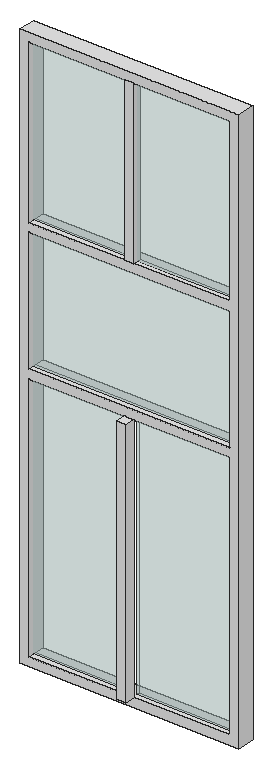
Revit family "CT_Jan_Ext_5Vid", category Windows, host Wall, Revit 2025
Family settings
  Host = Wall
  OmniClass Number = 23.30.20.00
  OmniClass Title = Windows
  Always vertical = Yes
  Cut with Voids When Loaded = No
  Shared = No
  Room Calculation Point = Yes
Parameters (values of type "JAN_125x320_FAC_5PA")
  Material_Vidro = CT_Vidros
  Material_Esquadria = CT_Esquadrias_Aluminio
  Height = 3.250 m
  Espess_Esquadria = 0.050 m
  Define Thermal Properties by = Schematic Type
  Default Sill Height = 0.800 m
  Wall Closure = By host
  Width = 1.250 m
  Analytic Construction = "<None>"
  Alt_Bandeira_Sup = 1.000 m
  Alt_Bandeira_Inf = 1.500 m
Reference planes (m)
  plane 1 "Center (Front/Back)": y = 0
  plane 2 "Center (Left/Right)": x = 0
  plane 3 "Left": x = -0.625
  plane 4 "Right": x = 0.625
  plane 5 "Sill": z = 0.8
  plane 6 "Head": z = 4.05
  plane 7 "Exterior": y = 0.05
  plane 8 "Interior": y = -0.05
  plane 9: z = 3.05
  plane 10: z = 2.3
Forms (m)
  Extrusion 1, solid, material "CT_Esquadrias_Aluminio" <- "Material_Esquadria"
    sketch origin (0, 0.05, 0) x (1, 0, 0) y (0, 0, 1)
      loop
        line (0.625, 4.05) -> (-0.625, 4.05) -> (-0.625, 0.8) -> (0.625, 0.8) -> (0.625, 4.05)
      loop
        line (-0.575, 4) -> (-0.575, 3.075) -> (0.575, 3.075) -> (0.575, 4) -> (-0.575, 4)
      loop
        line (-0.575, 3.025) -> (-0.575, 2.325) -> (0.575, 2.325) -> (0.575, 3.025) -> (-0.575, 3.025)
      loop
        line (-0.575, 0.85) -> (0.575, 0.85) -> (0.575, 2.275) -> (-0.575, 2.275) -> (-0.575, 0.85)
    from 0 to 0.1
  Extrusion 2, solid, material "CT_Vidros" <- "Material_Vidro"
    sketch origin (0, 0.05, 0) x (1, 0, 0) y (0, 0, 1)
      loop
        line (0.575, 4) -> (0.025, 4) -> (0.025, 3.075) -> (0.575, 3.075) -> (0.575, 4)
      loop
        line (-0.025, 4) -> (-0.575, 4) -> (-0.575, 3.075) -> (-0.025, 3.075) -> (-0.025, 4)
      loop
        line (0.575, 3.025) -> (-0.575, 3.025) -> (-0.575, 2.325) -> (0.575, 2.325) -> (0.575, 3.025)
      loop
        line (0.575, 2.275) -> (0.025, 2.275) -> (0.025, 0.85) -> (0.575, 0.85) -> (0.575, 2.275)
      loop
        line (-0.025, 2.275) -> (-0.575, 2.275) -> (-0.575, 0.85) -> (-0.025, 0.85) -> (-0.025, 2.275)
    from 0.058589 to 0.074642
  Extrusion 3, solid, material "CT_Esquadrias_Aluminio" <- "Material_Esquadria"
    sketch origin (0, 0.05, 0) x (-1, 0, 0) y (0, 0, 1)
      loop
        line (-0.025, 3.075) -> (0.025, 3.075) -> (0.025, 4) -> (-0.025, 4) -> (-0.025, 3.075)
    from -0.1 to -0.058589
  Extrusion 4, solid, material "CT_Esquadrias_Aluminio" <- "Material_Esquadria"
    sketch origin (0, 0.05, -1.94) x (-1, 0, 0) y (0, 0, 1)
      loop
        line (-0.025, 2.79) -> (0.025, 2.79) -> (0.025, 4.215) -> (-0.025, 4.215) -> (-0.025, 2.79)
    from -0.1 to -0.158589
Lines and regions (m)
  Opening 1
    outline origin (3.5, -0.05, 0) x (1, 0, 0) y (0, 0, 1)
      loop
        line (-2.875, 0.8) -> (-2.875, 4.05) -> (-4.125, 4.05) -> (-4.125, 0.8) -> (-2.875, 0.8)
Text (m)
  text "EXTERIOR" at (-1.963203, 1.332353, 0), in view "Ref. Level"
  text "INTERIOR" at (-1.981466, -0.818386, 0), in view "Ref. Level"
  text "Exterior" at (0, 0.923751, 2.943296), in view "Right"
  text "Exterior" at (0, 1.040484, 2.685409), in view "Left"
Dimensions and locks (m)
  equal spacing: plane 3 "Left", plane 2 "Center (Left/Right)", plane 4 "Right"
  "Width": plane 3 "Left" to plane 4 "Right"
  "Height": plane 5 "Sill" to plane 6 "Head"
  "Default Sill Height": plane 5 "Sill" to level
  locked: plane 7 "Exterior" to host wall
  locked: plane 8 "Interior" to host wall
  "Alt_Bandeira_Sup": plane 9 to plane 6 "Head"
  "Alt_Bandeira_Inf": plane 5 "Sill" to plane 10
  Extrusion 1 to Extrusion 1 = 0.050 m
  Extrusion 1 sketch curve to plane 9 = 0.025 m
  Extrusion 1 sketch curve to Extrusion 1 sketch curve = 0.050 m  (x2)
  "Espess_Esquadria": Extrusion 1 sketch curve to Extrusion 1 sketch curve  (x4)
  plane 10 to Extrusion 1 sketch curve = 0.025 m
  locked: Extrusion 1 to Extrusion 2 at 0.025358
  locked: Extrusion 2 to Extrusion 2 at 0.016053
  aligned and locked: plane 8 "Interior" to Extrusion 1
  aligned and locked: Extrusion 1 to plane 7 "Exterior"
  aligned and locked: plane 3 "Left" to Extrusion 1
  aligned and locked: Extrusion 1 to plane 4 "Right"
  aligned and locked: Extrusion 1 sketch curve to Extrusion 1 sketch curve  (x4)
  aligned and locked: Extrusion 1 to Extrusion 2 sketch curve  (x6)
  aligned and locked: Extrusion 2 sketch curve to Extrusion 1  (x6)
  aligned and locked: Extrusion 1 to Extrusion 3 sketch curve  (x2)
  aligned and locked: Extrusion 3 sketch curve to Extrusion 2  (x2)
  aligned and locked: Extrusion 3 to Extrusion 2
  aligned and locked: Extrusion 4 to Extrusion 1  (x2)
Automatic sketch dimensions
  plane 3 "Left" to Opening 1 sketch curve = 0.000 m
  Opening 1 sketch curve to plane 4 "Right" = 0.000 m
  Opening 1 sketch curve to plane 5 "Sill" = 0.000 m
  Opening 1 sketch curve to plane 6 "Head" = 0.000 m
  plane 2 "Center (Left/Right)" to Extrusion 2 sketch curve = 0.025 m  (x2)
  Extrusion 2 sketch curve to plane 2 "Center (Left/Right)" = 0.025 m  (x2)
  plane 9 to Extrusion 2 sketch curve = 0.025 m
  plane 6 "Head" to Extrusion 2 sketch curve = 0.050 m
  Extrusion 2 sketch curve to plane 5 "Sill" = 0.050 m
  Extrusion 2 sketch curve to plane 10 = 0.025 m
  Extrusion 1 to Extrusion 4 sketch curve = 0.000 m  (x2)
  Extrusion 1 to Extrusion 4 sketch curve = 0.550 m
  Extrusion 4 sketch curve to Extrusion 4 sketch curve = 0.050 m
  Extrusion 1 sketch curve to plane 3 "Left" = 0.000 m
  plane 4 "Right" to Extrusion 1 sketch curve = 0.000 m
  Extrusion 1 sketch curve to plane 5 "Sill" = 0.000 m
  Extrusion 1 sketch curve to plane 6 "Head" = 0.000 m
  Extrusion 1 sketch curve to plane 10 = 0.025 m
  Extrusion 1 sketch curve to plane 9 = 0.025 m
  plane 9 to Extrusion 1 sketch curve = 0.025 m
  plane 6 "Head" to Extrusion 1 sketch curve = 0.050 m
